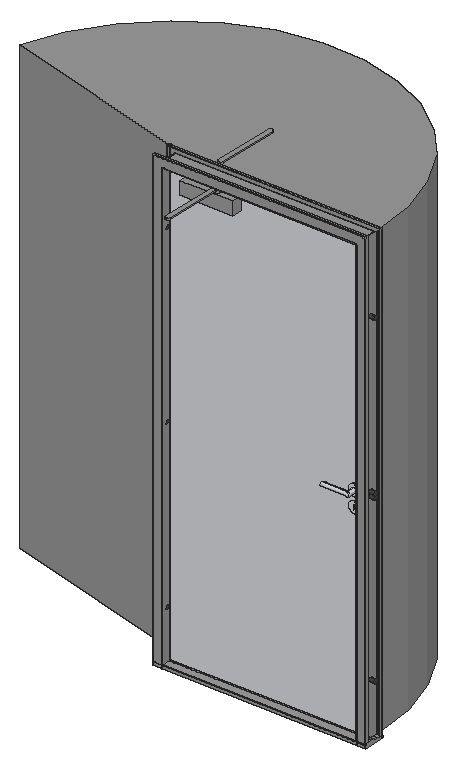
Revit family "Daloc S43 EXP", category Doors, host Wall, Revit 2021
Family settings
  Host = Wall
  OmniClass Number = 23.30.10.00
  OmniClass Title = Doors
  Always vertical = Yes
  Cut with Voids When Loaded = No
  Shared = No
  Room Calculation Point = No
Parameters (values of type "10x21,32")
  Upper hinge start [instance] = Door leaf ÖK - 310 mm  # 1797 mm
  Upper hinge end [instance] = Door leaf ÖK - 190 mm  # 1917 mm
  Left hand opening [instance] = no
  Show collision control [instance] = yes
  Threshold Composite (ATKGP) [instance] = yes
  Threshold type G Steel (ATRGP) [instance] = no
  Module height = 21.32
  Module width = 10
  Drop down MTT [instance] = no
  MTT [instance] = and(Drop down MTT)  # no
  Colour door leaf [instance] = none
  Collision control Left [instance] = and(Show collision control, Left hand opening)  # no
  Collision control Right [instance] = and(Show collision control, Right hand opening)  # yes
  KDH [instance] = Height - 75 mm  # 2057 mm
  Height Handle [instance] = Door leaf UK + 1009 mm  # 1024 mm
  Frame K42sNI [instance] = no
  Fixing Left hand opening [instance] = and(Left hand opening, or(Frame K41, Frame K42, Frame K42sNI))  # no
  Fixing Right hand opening [instance] = and(Right hand opening, or(Frame K41, Frame K42, Frame K42sNI))  # yes
  Height Door leaf [instance] = (Module height * 100 mm) - 40 mm  # 2092 mm
  Right hand opening [instance] = yes
  Function = Interior
  Frame Projection Ext. = 25 mm
  Frame Projection Int. = 25 mm
  Frame Width = 75 mm
  Height = Module height * 100 mm  # 2132 mm
  Wall Closure = By host
  Width = Module width * 100 mm  # 1000 mm
  Fp Lock U [instance] = KDH - 233 mm  # 1824 mm
  Fp Hinge U (upper hole) [instance] = Fp Hinge U + 18 mm  # 1824.5 mm
  Fp Hinge U (lower hole) [instance] = Fp Hinge U - 18 mm  # 1788.5 mm
  Fp Hinge U [instance] = KDH - 250.5 mm  # 1806.5 mm
  Door closer Left H [instance] = and(Left hand opening, [Door closer H-side])  # no
  Door closer Left R [instance] = and(Left hand opening, [Door closer R-side])  # no
  Door closer Right H [instance] = and(Right hand opening, [Door closer H-side])  # yes
  Door closer Right R [instance] = and(Right hand opening, [Door closer R-side])  # yes
  Door closer H-side [instance] = yes
  Door closer R-side [instance] = yes
  Frame K42 [instance] = yes
  Frame K41 [instance] = no
  Door leaf ÖK [instance] = Height Door leaf + Door leaf UK  # 2107 mm
  Door leaf UK [instance] = 15 mm
  Datasheet [instance] = "http://www.dorrkatalogen.daloc.se/staldorrar/Y43/"
  DST offset H-side [instance] = Door leaf ÖK - 75 mm  # 2032 mm
  DST offset R-side [instance] = Door leaf ÖK - 110 mm  # 1997 mm
  Width with seam edge [instance] = Width door leaf + 26.2 mm  # 950.2 mm
  Width door leaf [instance] = (Module width * 100 mm) - 76 mm  # 924 mm
  ATKGP [instance] = yes
Types (3, lengths in mm): name | Upper hinge start | Upper hinge end | Threshold type G Steel (ATRGP) | Module height | Drop down MTT | MTT | KDH | Fixing Right hand opening | Height Door leaf | Height | Fp Lock U | Fp Hinge U (upper hole) | Fp Hinge U (lower hole) | Fp Hinge U | Frame K42 | Door leaf ÖK | DST offset H-side | DST offset R-side
  (no name) | 1797 | 1917 | no | 21.32 | no | no | 2057 | yes | 2092 | 2132 | 1824 | 1824.5 | 1788.5 | 1806.5 | yes | 2107 | 2032 | 1997
  10x23,77 | 2042 | 2162 | yes | 23.77 | yes | yes | 2302 | no | 2337 | 2377 | 2069 | 2069.5 | 2033.5 | 2051.5 | no | 2352 | 2277 | 2242
  10x21,32 | 1797 | 1917 | no | 21.32 | no | no | 2057 | yes | 2092 | 2132 | 1824 | 1824.5 | 1788.5 | 1806.5 | yes | 2107 | 2032 | 1997
Reference planes
  plane 1: y = 0
  plane 2 "Center (Left/Right)": x = 0
  plane 3 "Left": x = -500
  plane 4 "Right": x = 500
  plane 5: z = 2132
  plane 6 "Exterior": y = 75
  plane 7 "Interior": y = -75
  plane 8 "Drevmån h": x = -495
  plane 9 "Drevmån v": x = 495
  plane 10 "Drevmån övre": z = 2125
Forms (mm)
  Sweep 1, solid, material "Daloc dörrkarm VIT S 0500-N", visible <- "Frame K41"
    path origin (0, 75, 0) x (1, 0, 0) y (0, 0, 1)
      loop
        line (495, 0) -> (495, 2125) -> (-495, 2125) -> (-495, 0)
    profile "Karm_K41 : Karm_K41" origin (495, 75, 1062.5) x (-1, 0, 0) y (0, -1, 0)
      loop
        line (0, 85) -> (1.5, 85) -> (1.5, 95)
        arc (1.5, 95) -> (1.939, 96.061) -> (3, 96.5) r 1.5
        line (3, 96.5) -> (42, 96.5)
        arc (42, 96.5) -> (43.061, 96.061) -> (43.5, 95) r 1.5
        line (43.5, 95) -> (43.5, 55)
        arc (43.5, 55) -> (43.061, 53.939) -> (42, 53.5) r 1.5
        line (42, 53.5) -> (28.5, 53.5) -> (28.5, 3)
        arc (28.5, 3) -> (28.061, 1.939) -> (27, 1.5) r 1.5
        line (27, 1.5) -> (6.5, 1.5)
        arc (6.5, 1.5) -> (4.379, 0.621) -> (3.5, -1.5) r 3
        line (3.5, -1.5) -> (3.5, -10)
        arc (3.5, -10) -> (3.061, -11.061) -> (2, -11.5) r 1.5
        line (2, -11.5) -> (-47, -11.5)
        arc (-47, -11.5) -> (-48.061, -11.061) -> (-48.5, -10) r 1.5
        line (-48.5, -10) -> (-48.5, 0) -> (-50, 0) -> (-50, -10)
        arc (-50, -10) -> (-49.121, -12.121) -> (-47, -13) r 3
        line (-47, -13) -> (2, -13)
        arc (2, -13) -> (4.121, -12.121) -> (5, -10) r 3
        line (5, -10) -> (5, -1.5)
        arc (5, -1.5) -> (5.439, -0.439) -> (6.5, 0) r 1.5
        line (6.5, 0) -> (27, 0)
        arc (27, 0) -> (29.121, 0.879) -> (30, 3) r 3
        line (30, 3) -> (30, 52) -> (42, 52)
        arc (42, 52) -> (44.121, 52.879) -> (45, 55) r 3
        line (45, 55) -> (45, 95)
        arc (45, 95) -> (44.121, 97.121) -> (42, 98) r 3
        line (42, 98) -> (3, 98)
        arc (3, 98) -> (0.879, 97.121) -> (0, 95) r 3
        line (0, 95) -> (0, 85)
  Sweep 2, solid, material "Daloc dörrkarm VIT S 0500-N", visible <- "Frame K42"
    path origin (0, 75, 0) x (1, 0, 0) y (0, 0, 1)
      loop
        line (495, 0) -> (495, 2125) -> (-495, 2125) -> (-495, 0)
    profile "Karm_K42 : Karm_K42" origin (495, 75, 1062.5) x (-1, 0, 0) y (0, -1, 0)
      loop
        line (0, 85) -> (1.5, 85) -> (1.5, 95)
        arc (1.5, 95) -> (1.939, 96.061) -> (3, 96.5) r 1.5
        line (3, 96.5) -> (42, 96.5)
        arc (42, 96.5) -> (43.061, 96.061) -> (43.5, 95) r 1.5
        line (43.5, 95) -> (43.5, 55)
        arc (43.5, 55) -> (43.061, 53.939) -> (42, 53.5) r 1.5
        line (42, 53.5) -> (28.5, 53.5) -> (28.5, 3)
        arc (28.5, 3) -> (28.061, 1.939) -> (27, 1.5) r 1.5
        line (27, 1.5) -> (3, 1.5)
        arc (3, 1.5) -> (1.939, 1.939) -> (1.5, 3) r 1.5
        line (1.5, 3) -> (1.5, 13) -> (0, 13) -> (0, 3)
        arc (0, 3) -> (0.879, 0.879) -> (3, 0) r 3
        line (3, 0) -> (27, 0)
        arc (27, 0) -> (29.121, 0.879) -> (30, 3) r 3
        line (30, 3) -> (30, 52) -> (42, 52)
        arc (42, 52) -> (44.121, 52.879) -> (45, 55) r 3
        line (45, 55) -> (45, 95)
        arc (45, 95) -> (44.121, 97.121) -> (42, 98) r 3
        line (42, 98) -> (3, 98)
        arc (3, 98) -> (0.879, 97.121) -> (0, 95) r 3
        line (0, 95) -> (0, 85)
  Extrusion 3, solid, material "Stainless Steel", visible <- "Right hand opening"
    sketch origin (0, 0, 0) x (1, 0, 0) y (0, 1, 0)
      loop
        circle (-469.581, 92.224) r 8.5
    from 190 to 310
  Extrusion 4, solid, material "Stainless Steel", visible <- "Right hand opening"
    sketch origin (0, 0, 0) x (1, 0, 0) y (0, 1, 0)
      loop
        circle (-469.581, 92.224) r 8.5
    from 1797 <- "Upper hinge start" to 1917 <- "Upper hinge end"
  Extrusion 5, solid, material "Stainless Steel", visible <- "Left hand opening"
    sketch origin (0, 0, 0) x (1, 0, 0) y (0, 1, 0)
      loop
        circle (470.581, 92.224) r 8.5
    from 190 to 310
  Extrusion 6, solid, material "Stainless Steel", visible <- "Left hand opening"
    sketch origin (0, 0, 0) x (1, 0, 0) y (0, 1, 0)
      loop
        circle (470.581, 92.224) r 8.5
    from 1797 <- "Upper hinge start" to 1917 <- "Upper hinge end"
  Extrusion 7, solid, material "Frigång", visible <- "Collision control Right"
    sketch origin (0, 0, 0) x (1, 0, 0) y (0, 1, 0)
      loop
        line (-475.081, 83.724) -> (475.119, 83.724)
        arc (475.119, 83.724) -> (-351.055, 1025.795) -> (-1392.904, 329.654) r 950.2
        line (-1392.904, 329.654) -> (-475.081, 83.724)
    from 15 <- "Door leaf UK" to 2107 <- "Door leaf ÖK"
  Extrusion 8, solid, material "Frigång", visible <- "Collision control Left"
    sketch origin (0, 0, 0) x (1, 0, 0) y (0, 1, 0)
      loop
        line (475.119, 83.724) -> (1392.941, 329.654)
        arc (1392.941, 329.654) -> (351.093, 1025.795) -> (-475.081, 83.724) r 950.2
        line (-475.081, 83.724) -> (475.119, 83.724)
    from 15 <- "Door leaf UK" to 2107 <- "Door leaf ÖK"
  Extrusion 9, solid, material "Hål", visible <- "Fixing Right hand opening"
    sketch origin (495, 0, 0) x (0, 0, 1) y (0, -1, 0)
      loop
        circle (1015, -35) r 8
    from 0 to -30.1
  Extrusion 10, solid, material "Hål", visible <- "Fixing Left hand opening"
    sketch origin (-495, 0, 0) x (0, 0, 1) y (0, -1, 0)
      loop
        circle (1015, -35) r 8
    from 0 to 30.1
  Extrusion 11, solid, material "Hål", visible <- "Fixing Right hand opening"
    sketch origin (-495, 0, 0) x (0, 0, 1) y (0, -1, 0)
      loop
        circle (1015, -35) r 8
    from 0 to 30.1
  Extrusion 12, solid, material "Hål", visible <- "Fixing Right hand opening"
    sketch origin (-495, 0, 0) x (0, 0, 1) y (0, -1, 0)
      loop
        circle (1015, -5) r 8
    from 0 to 45.2
  Extrusion 13, solid, material "Hål", visible <- "Fixing Right hand opening"
    sketch origin (-495, 0, 0) x (0, 0, 1) y (0, -1, 0)
      loop
        circle (244.5, -5) r 8
    from 0 to 45.2
  Extrusion 14, solid, material "Hål", visible <- "Fixing Right hand opening"
    sketch origin (-495, 0, 0) x (0, 0, 1) y (0, -1, 0)
      loop
        circle (226.5, -36) r 8
    from 0 to 30.1
  Extrusion 15, solid, material "Hål", visible <- "Fixing Left hand opening"
    sketch origin (495, 0, 0) x (0, 0, 1) y (0, -1, 0)
      loop
        circle (226.5, -36) r 8
    from 0 to -30.1
  Extrusion 16, solid, material "Hål", visible <- "Fixing Left hand opening"
    sketch origin (495, 0, 0) x (0, 0, 1) y (0, -1, 0)
      loop
        circle (208.5, -5) r 8
    from 0 to -45.2
  Extrusion 17, solid, material "Hål", visible <- "Fixing Left hand opening"
    sketch origin (495, 0, 0) x (0, 0, 1) y (0, -1, 0)
      loop
        circle (1015, -35) r 8
    from 0 to -30.1
  Extrusion 18, solid, material "Hål", visible <- "Fixing Left hand opening"
    sketch origin (495, 0, 0) x (0, 0, 1) y (0, -1, 0)
      loop
        circle (1015, -5) r 8
    from 0 to -45.2
  Extrusion 19, solid, material "Hål", visible <- "Fixing Left hand opening"
    sketch origin (495, 0, 0) x (0, 0, 1) y (0, -1, 0)
      loop
        circle (1806.5, -35) r 8
    from 0 to -30.1
  Extrusion 20, solid, material "Hål", visible <- "Fixing Left hand opening"
    sketch origin (495, 0, 0) x (0, 0, 1) y (0, -1, 0)
      loop
        circle (1788.5, -5) r 8
    from 0 to -45.2
  Extrusion 21, solid, material "Hål", visible <- "Fixing Right hand opening"
    sketch origin (-495, 0, 0) x (0, 0, 1) y (0, -1, 0)
      loop
        circle (1806.5, -35) r 8
    from 0 to 30.1
  Extrusion 22, solid, material "Hål", visible <- "Fixing Right hand opening"
    sketch origin (-495, 0, 0) x (0, 0, 1) y (0, -1, 0)
      loop
        circle (1824.5, -5) r 8
    from 0 to 45.2
  Extrusion 23, solid, material "Hål", visible <- "Fixing Left hand opening"
    sketch origin (-495, 0, 0) x (0, 0, 1) y (0, -1, 0)
      loop
        circle (253, -35) r 8
    from 0 to 30.1
  Extrusion 24, solid, material "Hål", visible <- "Fixing Right hand opening"
    sketch origin (495, 0, 0) x (0, 0, 1) y (0, -1, 0)
      loop
        circle (253, -35) r 8
    from 0 to -30.1
  Extrusion 25, solid, material "Hål", visible <- "Fixing Right hand opening"
    sketch origin (495, 0, 0) x (0, 0, 1) y (0, -1, 0)
      loop
        circle (1765, -35) r 8
    from 0 to -30.1
  Extrusion 26, solid, material "Hål", visible <- "Fixing Left hand opening"
    sketch origin (-495, 0, 0) x (0, 0, 1) y (0, -1, 0)
      loop
        circle (1765, -35) r 8
    from 0 to 30.1
  Sweep 27, solid, visible <- "Frame K42sNI"
    path origin (0, 75, 0) x (1, 0, 0) y (0, 0, 1)
      loop
        line (-495, 0) -> (-495, 2125) -> (495, 2125) -> (495, 0)
    profile "Karm_K42sNI : Karm_K42sNI" origin (-495, 75, 1062.5) x (-1, 0, 0) y (0, -1, 0)
      loop
        line (15, 100) -> (15, 110)
        arc (15, 110) -> (14.121, 112.121) -> (12, 113) r 3
        line (12, 113) -> (-42, 113)
        arc (-42, 113) -> (-44.121, 112.121) -> (-45, 110) r 3
        line (-45, 110) -> (-45, 55)
        arc (-45, 55) -> (-44.121, 52.879) -> (-42, 52) r 3
        line (-42, 52) -> (-30, 52) -> (-30, 3)
        arc (-30, 3) -> (-29.121, 0.879) -> (-27, 0) r 3
        line (-27, 0) -> (-3, 0)
        arc (-3, 0) -> (-0.879, 0.879) -> (0, 3) r 3
        line (0, 3) -> (0, 13) -> (-1.5, 13) -> (-1.5, 3)
        arc (-1.5, 3) -> (-1.939, 1.939) -> (-3, 1.5) r 1.5
        line (-3, 1.5) -> (-27, 1.5)
        arc (-27, 1.5) -> (-28.061, 1.939) -> (-28.5, 3) r 1.5
        line (-28.5, 3) -> (-28.5, 53.5) -> (-42, 53.5)
        arc (-42, 53.5) -> (-43.061, 53.939) -> (-43.5, 55) r 1.5
        line (-43.5, 55) -> (-43.5, 110)
        arc (-43.5, 110) -> (-43.061, 111.061) -> (-42, 111.5) r 1.5
        line (-42, 111.5) -> (12, 111.5)
        arc (12, 111.5) -> (13.061, 111.061) -> (13.5, 110) r 1.5
        line (13.5, 110) -> (13.5, 100) -> (15, 100)
  Extrusion 28, solid, material "Hål", visible <- "Fixing Left hand opening"
    sketch origin (-495, 0, 0) x (0, 0, 1) y (0, -1, 0)
      loop
        circle (1035, -35) r 7.983
    from 0 to 30.1
  Extrusion 29, solid, material "Hål", visible <- "Fixing Right hand opening"
    sketch origin (495, 0, 0) x (0, 0, 1) y (0, -1, 0)
      loop
        circle (1035, -35) r 8.027
    from 0 to -30.1
  Extrusion 30, solid, material "Daloc ståltröskel", visible <- "Threshold type G Steel (ATRGP)"
    sketch origin (0, -111.853, -57.161) x (0, 1, 0) y (0, 0, 1)
      loop
        line (176.765, 57.161) -> (182.851, 57.161)
        arc (182.851, 57.161) -> (186.856, 61.166) -> (182.851, 65.17) r 4.004
        line (182.851, 65.17) -> (136.355, 65.17)
        arc (136.355, 65.17) -> (135.295, 65.609) -> (134.855, 66.67) r 1.5
        line (134.855, 66.67) -> (134.855, 77.17)
        arc (134.855, 77.17) -> (133.977, 79.291) -> (131.855, 80.17) r 3
        line (131.855, 80.17) -> (99.46, 80.17)
        arc (99.46, 80.17) -> (98.312, 79.941) -> (97.338, 79.291) r 3
        line (97.338, 79.291) -> (91.524, 73.477)
        arc (91.524, 73.477) -> (90.874, 72.504) -> (90.645, 71.356) r 3
        line (90.645, 71.356) -> (90.645, 60.161)
        arc (90.645, 60.161) -> (91.524, 58.04) -> (93.645, 57.161) r 3
        line (93.645, 57.161) -> (100.645, 57.161) -> (100.645, 58.67) -> (93.645, 58.67)
        arc (93.645, 58.67) -> (92.585, 59.109) -> (92.145, 60.17) r 1.5
        line (92.145, 60.17) -> (92.145, 70.924)
        arc (92.145, 70.924) -> (92.26, 71.498) -> (92.585, 71.984) r 1.5
        line (92.585, 71.984) -> (98.831, 78.231)
        arc (98.831, 78.231) -> (99.318, 78.556) -> (99.892, 78.67) r 1.5
        line (99.892, 78.67) -> (131.855, 78.67)
        arc (131.855, 78.67) -> (132.916, 78.231) -> (133.355, 77.17) r 1.5
        line (133.355, 77.17) -> (133.355, 66.67)
        arc (133.355, 66.67) -> (134.234, 64.549) -> (136.355, 63.67) r 3
        line (136.355, 63.67) -> (182.855, 63.67)
        arc (182.855, 63.67) -> (185.355, 61.17) -> (182.855, 58.67) r 2.5
        line (182.855, 58.67) -> (176.765, 58.67) -> (176.765, 57.161)
    from -495 to 495
  Extrusion 31, solid, material "Daloc komposittröskel", visible <- "Threshold Composite (ATKGP)"
    sketch origin (0, 579.559, -570.578) x (0, 1, 0) y (0, 0, 1)
      loop
        line (-504.415, 578.892) -> (-529.381, 580.201) -> (-555.083, 580.201)
        arc (-555.083, 580.201) -> (-556.025, 580.591) -> (-556.415, 581.533) r 1.332
        line (-556.415, 581.533) -> (-556.415, 586.976)
        arc (-556.415, 586.976) -> (-556.855, 588.036) -> (-557.915, 588.476) r 1.5
        line (-557.915, 588.476) -> (-565.954, 588.476) -> (-601.843, 585.219)
        arc (-601.843, 585.219) -> (-602.752, 584.204) -> (-603.081, 582.881) r 2.826
        line (-603.081, 582.881) -> (-603.081, 570.578) -> (-503.294, 570.578) -> (-503.294, 576.58)
        arc (-503.294, 576.58) -> (-503.589, 577.865) -> (-504.415, 578.892) r 2.944
    from -495 to 495
  Extrusion 32, solid, material "Daloc MTT", visible <- "Drop down MTT"
    sketch origin (-495, 0, 0) x (0, 0, 1) y (0, -1, 0)
      loop
        arc (6.016, -81.724) -> (6.601, -83.138) -> (8.016, -83.724) r 2
        line (8.016, -83.724) -> (20.145, -83.724) -> (20.145, -25.724) -> (8.016, -25.724)
        arc (8.016, -25.724) -> (6.601, -26.31) -> (6.016, -27.724) r 2
        line (6.016, -27.724) -> (6.016, -39.182)
        arc (6.016, -39.182) -> (6.599, -40.592) -> (8.009, -41.175) r 1.993
        line (8.009, -41.175) -> (18.858, -41.175) -> (18.858, -61.737) -> (8.009, -61.737)
        arc (8.009, -61.737) -> (6.599, -62.321) -> (6.016, -63.731) r 1.993
        line (6.016, -63.731) -> (6.016, -81.724)
    from 37 to 953
  Extrusion 33, solid, material "Daloc MTT", visible <- "MTT"
    sketch origin (-495, 0, 0) x (0, 0, 1) y (0, -1, 0)
      loop
        line (18.858, -61.372) -> (18.858, -60.398) -> (4.483, -60.398) -> (4.483, -61.372) -> (18.858, -61.372)
      loop
        line (18.858, -41.552) -> (4.483, -41.552) -> (4.483, -42.523) -> (18.858, -42.523) -> (18.858, -41.552)
      loop
        arc (0, -51.492) -> (0.193, -54.895) -> (0.672, -58.269) r 40.42
        arc (0.672, -58.269) -> (5.189, -59.589) -> (9.867, -60.104) r 26.997
        line (9.867, -60.104) -> (18.858, -60.104) -> (18.858, -42.982) -> (9.546, -42.982)
        arc (9.546, -42.982) -> (4.934, -43.448) -> (0.474, -44.708) r 26.588
        arc (0.474, -44.708) -> (0.094, -48.09) -> (0, -51.492) r 40.42
    from 37 to 953
Lines and regions (mm)
  Opening 1
    outline origin (-3050, -75, 0) x (1, 0, 0) y (0, 0, 1)
      loop
        line (2550, 0) -> (3550, 0) -> (3550, 2132) -> (2550, 2132) -> (2550, 0)
  symbolic lines, style "Elevation Swing"
    curve 1: line (500, -75, 1066) -> (-500, -75, 2132)
    curve 2: line (500, -75, 1066) -> (-500, -75, 0)
  symbolic lines, visible <- "Right hand opening"
    curve 3: circle (-469.581, 92.224, 0) r 8.5 normal (0, 0, 1)
    curve 5: line (-475.081, 83.724, 0) -> (-1392.904, 329.654, 0)
    curve 6: arc (-1392.904, 329.654, 0) -> (-351.055, 1025.795, 0) -> (475.119, 83.724, 0) r 950.2
  symbolic lines, visible <- "Left hand opening"
    curve 4: circle (470.581, 92.224, 0) r 8.5 normal (0, 0, 1)
    curve 7: line (475.119, 83.724, 0) -> (1392.941, 329.654, 0)
    curve 8: arc (1392.941, 329.654, 0) -> (351.093, 1025.795, 0) -> (-475.081, 83.724, 0) r 950.2
Text (mm)
  text "Exterior" at (-2295.016, 1099.543, 0), in view "Ref. Level"
  text "Exterior" at (0, 1615.38, 3698.081), in view "Left"
  text "Exterior" at (0, 1036.032, 3874.932), in view "Right"
Dimensions and locks
  equal spacing: plane 3 "Left", plane 2 "Center (Left/Right)", plane 4 "Right"
  "Width": plane 3 "Left" to plane 4 "Right"
  "Height": plane 5 to host wall
  equal spacing: host wall, curve 2, plane 5
  host wall to plane 5 = 2132 mm
  locked: plane 6 "Exterior" to host wall
  locked: plane 7 "Interior" to host wall
  locked: plane 5 to plane 10 "Drevmån övre" at 7
  locked: plane 3 "Left" to plane 8 "Drevmån h" at 5
  locked: plane 9 "Drevmån v" to plane 4 "Right" at 5
  curve 3 to nested 1 = 8.5 mm
  locked: curve 4 to nested 1 at 8.5
  locked: plane 3 "Left" to nested 4 at 130
  locked: plane 3 "Left" to nested 5 at 130
  locked: nested 6 to plane 4 "Right" at 129.9
  "Width with seam edge": curve 5 to curve 5
  locked: plane 8 "Drevmån h" to curve 5 at 19.919
  "Width with seam edge": curve 7 to curve 7
  locked: curve 5 to nested 1
  locked: Extrusion 9 sketch curve to plane 6 "Exterior" at 40
  locked: Extrusion 9 sketch curve to level at 1015
  locked: Extrusion 10 sketch curve to level at 1015
  locked: plane 6 "Exterior" to Extrusion 10 sketch curve at 40
  locked: Extrusion 11 sketch curve to level at 1015
  locked: plane 6 "Exterior" to Extrusion 11 sketch curve at 40
  locked: Extrusion 12 sketch curve to level at 1015
  locked: plane 6 "Exterior" to Extrusion 12 sketch curve at 70
  locked: Extrusion 13 sketch curve to level at 244.5
  locked: plane 6 "Exterior" to Extrusion 13 sketch curve at 70
  locked: Extrusion 14 sketch curve to level at 226.5
  locked: plane 6 "Exterior" to Extrusion 14 sketch curve at 39
  locked: Extrusion 15 sketch curve to level at 226.5
  locked: Extrusion 15 sketch curve to plane 6 "Exterior" at 39
  locked: Extrusion 16 sketch curve to level at 208.5
  locked: Extrusion 16 sketch curve to plane 6 "Exterior" at 70
  locked: Extrusion 17 sketch curve to level at 1015
  locked: Extrusion 17 sketch curve to plane 6 "Exterior" at 40
  locked: Extrusion 18 sketch curve to level at 1015
  locked: Extrusion 18 sketch curve to plane 6 "Exterior" at 70
  "Fp Hinge U": Extrusion 19 sketch curve to level
  locked: Extrusion 19 sketch curve to plane 6 "Exterior" at 40
  "Fp Hinge U (lower hole)": Extrusion 20 sketch curve to level
  locked: Extrusion 20 sketch curve to plane 6 "Exterior" at 70
  "Fp Hinge U": Extrusion 21 sketch curve to level
  locked: plane 6 "Exterior" to Extrusion 21 sketch curve at 40
  "Fp Hinge U (upper hole)": Extrusion 22 sketch curve to level
  locked: plane 6 "Exterior" to Extrusion 22 sketch curve at 70
  locked: plane 6 "Exterior" to nested 4 at 8.7
  locked: nested 7 to plane 4 "Right" at 130
  locked: plane 6 "Exterior" to nested 7 at 8.7
  locked: Extrusion 23 sketch curve to level at 253
  locked: plane 6 "Exterior" to Extrusion 23 sketch curve at 40
  locked: Extrusion 24 sketch curve to level at 253
  locked: Extrusion 24 sketch curve to plane 6 "Exterior" at 40
  locked: Extrusion 25 sketch curve to level at 1765
  locked: Extrusion 25 sketch curve to plane 6 "Exterior" at 40
  locked: Extrusion 26 sketch curve to level at 1765
  locked: plane 6 "Exterior" to Extrusion 26 sketch curve at 40
  locked: plane 6 "Exterior" to nested 1  (x2)
  locked: nested 1 to nested 2 at 51
  locked: nested 1 to nested 2
  locked: nested 1 to nested 3
  locked: nested 3 to nested 1 at 51.081
  locked: plane 6 "Exterior" to Extrusion 28 sketch curve at 40
  locked: Sweep 1 to Extrusion 28 sketch curve at 1035
  locked: Extrusion 29 sketch curve to plane 6 "Exterior" at 40
  locked: Extrusion 29 sketch curve to Sweep 1 at 1035
  locked: Extrusion 30 to plane 6 "Exterior" at 96.207
  locked: Extrusion 30 to plane 6 "Exterior" at 51.997
  locked: Extrusion 30 to Extrusion 30 at 44.21
  locked: Extrusion 30 to Sweep 1 at 23.009
  locked: Extrusion 31 sketch curve to Extrusion 31 sketch curve at 99.787
  locked: Extrusion 31 sketch curve to Extrusion 31 sketch curve at 37.127
  locked: plane 6 "Exterior" to Extrusion 31 at 1.265
  locked: Extrusion 31 to Extrusion 31 at 99.787
  locked: Extrusion 31 to Sweep 1 at 17.898
  locked: Extrusion 31 to Extrusion 31 at 46.666
  locked: Sweep 1 to Extrusion 32 at 6.016
  locked: plane 6 "Exterior" to Extrusion 32 at 8.724
  host wall to Extrusion 30 = 23.003 mm
  locked: Extrusion 30 sketch curve to plane 6 "Exterior" at 51.997
  locked: nested 1 to curve 5 (angle 165.00°)
  locked: curve 7 to nested 1 (angle 165.00°)
  aligned and locked: plane 3 "Left" to Opening 1 sketch curve
  aligned and locked: plane 5 to Opening 1 sketch curve  (x2)
  aligned and locked: Opening 1 sketch curve to plane 4 "Right"
  aligned and locked: Opening 1 sketch curve to level
  aligned and locked: plane 5 to curve 1
  aligned and locked: plane 3 "Left" to curve 2
  aligned and locked: plane 1 to host wall
  aligned and locked: plane 3 "Left" to curve 1
  aligned and locked: plane 9 "Drevmån v" to Sweep 1 sketch curve
  aligned and locked: plane 10 "Drevmån övre" to Sweep 1 sketch curve
  aligned and locked: Sweep 1 sketch curve to plane 8 "Drevmån h"
  aligned and locked: nested 1 to plane 2 "Center (Left/Right)"
  aligned and locked: Sweep 2 sketch curve to Sweep 1
  aligned and locked: plane 10 "Drevmån övre" to Sweep 2 sketch curve
  aligned and locked: Sweep 2 sketch curve to plane 8 "Drevmån h"
  aligned and locked: nested 2 to nested 1
  aligned and locked: Extrusion 3 sketch curve to curve 3
  aligned and locked: Extrusion 4 sketch curve to curve 3
  aligned and locked: Extrusion 5 sketch curve to curve 4
  aligned and locked: Extrusion 6 sketch curve to curve 4
  aligned and locked: nested 5 to nested 1
  aligned and locked: nested 6 to nested 1
  aligned and locked: Extrusion 7 sketch curve to curve 5
  aligned and locked: Extrusion 7 sketch curve to curve 6
  aligned and locked: Extrusion 7 sketch curve to nested 1
  aligned and locked: Extrusion 8 sketch curve to curve 7
  aligned and locked: Extrusion 8 sketch curve to curve 8
  aligned and locked: Extrusion 8 sketch curve to nested 1
Automatic sketch dimensions
  curve 2 to level = 0 mm
  plane 4 "Right" to curve 2 = 0 mm
  Sweep 1 sketch curve to level = 0 mm  (x2)
  Sweep 2 sketch curve to level = 0 mm  (x2)
  curve 6 to curve 5 = 0 mm
  curve 8 to curve 7 = 0 mm
  curve 8 to curve 3 = 5.5 mm
  curve 4 to curve 8 = 4.537 mm
  Sweep 27 sketch curve to plane 8 "Drevmån h" = 0 mm
  Sweep 27 sketch curve to plane 9 "Drevmån v" = 0 mm
  Sweep 27 sketch curve to level = 0 mm  (x2)
  Sweep 27 sketch curve to plane 10 "Drevmån övre" = 0 mm
  Extrusion 30 sketch curve to Extrusion 30 sketch curve = 0 mm  (x6)
  host wall to Extrusion 30 sketch curve = 21.207 mm
  Extrusion 30 sketch curve to Extrusion 30 sketch curve = 0.879 mm
  Extrusion 30 sketch curve to Extrusion 30 sketch curve = 1.5 mm  (x6)
  Extrusion 30 sketch curve to Extrusion 30 sketch curve = 0.439 mm
  Extrusion 30 sketch curve to Extrusion 30 sketch curve = 1.061 mm  (x2)
  Extrusion 30 sketch curve to Extrusion 30 sketch curve = 5.814 mm
  Extrusion 30 sketch curve to Extrusion 30 sketch curve = 1.493 mm
  Extrusion 30 sketch curve to Extrusion 30 sketch curve = 0.629 mm
  Extrusion 30 sketch curve to Extrusion 30 sketch curve = 7 mm
  level to Extrusion 30 sketch curve = 1.509 mm
  Extrusion 30 sketch curve to host wall = 10.087 mm
  Extrusion 30 sketch curve to host wall = 4.001 mm
  Extrusion 30 sketch curve to Extrusion 30 sketch curve = 0.004 mm  (x2)
  Extrusion 30 sketch curve to Extrusion 30 sketch curve = 1.509 mm  (x2)
  level to Extrusion 30 sketch curve = 0 mm
  Extrusion 30 sketch curve to Extrusion 30 sketch curve = 2.496 mm
  Extrusion 30 sketch curve to Extrusion 30 sketch curve = 10.754 mm
  Extrusion 30 sketch curve to Extrusion 30 sketch curve = 0.432 mm
  Extrusion 30 sketch curve to Extrusion 30 sketch curve = 10.5 mm
  Extrusion 31 sketch curve to level = 0 mm
  host wall to Extrusion 31 sketch curve = 23.522 mm
  Extrusion 31 sketch curve to Extrusion 31 sketch curve = 1.238 mm
  Extrusion 31 sketch curve to Extrusion 31 sketch curve = 2.826 mm
  Extrusion 31 sketch curve to Extrusion 31 sketch curve = 8.039 mm
  Extrusion 31 sketch curve to Extrusion 31 sketch curve = 1.5 mm
  Extrusion 31 sketch curve to Extrusion 31 sketch curve = 1.332 mm
  level to Extrusion 31 sketch curve = 9.623 mm
  Extrusion 31 sketch curve to Extrusion 31 sketch curve = 25.702 mm
  Extrusion 31 sketch curve to Extrusion 31 sketch curve = 2.944 mm
  Extrusion 31 sketch curve to Extrusion 31 sketch curve = 1.121 mm
  level to Extrusion 31 sketch curve = 6.002 mm
  level to Extrusion 31 sketch curve = 12.303 mm
  Extrusion 31 sketch curve to Extrusion 31 sketch curve = 5.443 mm
  level to Extrusion 32 sketch curve = 6.016 mm  (x2)
  Extrusion 32 sketch curve to Extrusion 32 sketch curve = 1.993 mm  (x2)
  Extrusion 32 sketch curve to Extrusion 32 sketch curve = 2 mm  (x2)
  Extrusion 32 sketch curve to Extrusion 32 sketch curve = 10.849 mm
  Extrusion 32 sketch curve to Extrusion 32 sketch curve = 12.129 mm
  host wall to Extrusion 32 sketch curve = 8.724 mm
  Extrusion 32 sketch curve to host wall = 11.269 mm
  Extrusion 32 sketch curve to Extrusion 32 sketch curve = 20.562 mm
  Extrusion 32 sketch curve to Extrusion 32 sketch curve = 11.458 mm
  Extrusion 33 sketch curve to Extrusion 33 sketch curve = 0 mm  (x3)
  Extrusion 33 sketch curve to level = 0 mm
  level to Extrusion 33 sketch curve = 4.483 mm  (x2)
  Extrusion 33 sketch curve to Extrusion 33 sketch curve = 5.063 mm
  Extrusion 33 sketch curve to Extrusion 33 sketch curve = 5.384 mm
  Extrusion 33 sketch curve to host wall = 5.433 mm
  Extrusion 33 sketch curve to Extrusion 33 sketch curve = 0.038 mm
  Extrusion 33 sketch curve to Extrusion 33 sketch curve = 0.925 mm
  Extrusion 33 sketch curve to Extrusion 33 sketch curve = 8.992 mm
  Extrusion 33 sketch curve to Extrusion 33 sketch curve = 9.313 mm
  Extrusion 33 sketch curve to Extrusion 33 sketch curve = 21.558 mm
  Extrusion 33 sketch curve to Extrusion 33 sketch curve = 8.196 mm
  Extrusion 33 sketch curve to Extrusion 33 sketch curve = 0.974 mm
  Extrusion 33 sketch curve to Extrusion 33 sketch curve = 0.294 mm
  Extrusion 33 sketch curve to Extrusion 33 sketch curve = 9.194 mm
  Extrusion 33 sketch curve to Extrusion 33 sketch curve = 17.122 mm
  Extrusion 33 sketch curve to Extrusion 33 sketch curve = 0.459 mm
  Extrusion 33 sketch curve to Extrusion 33 sketch curve = 0.971 mm
  Extrusion 33 sketch curve to Extrusion 33 sketch curve = 9.869 mm
  Extrusion 33 sketch curve to Extrusion 33 sketch curve = 4.008 mm
  radius of curve 3 = 8.5 mm
  radius of curve 4 = 8.5 mm
  radius of Extrusion 9 sketch curve = 8 mm
  radius of Extrusion 10 sketch curve = 8 mm
  radius of Extrusion 11 sketch curve = 8 mm
  radius of Extrusion 12 sketch curve = 8 mm
  radius of Extrusion 13 sketch curve = 8 mm
  radius of Extrusion 14 sketch curve = 8 mm
  radius of Extrusion 15 sketch curve = 8 mm
  radius of Extrusion 16 sketch curve = 8 mm
  radius of Extrusion 17 sketch curve = 8 mm
  radius of Extrusion 18 sketch curve = 8 mm
  radius of Extrusion 19 sketch curve = 8 mm
  radius of Extrusion 20 sketch curve = 8 mm
  radius of Extrusion 23 sketch curve = 8 mm
  radius of Extrusion 24 sketch curve = 8 mm
  radius of Extrusion 22 sketch curve = 8 mm
  radius of Extrusion 21 sketch curve = 8 mm
  radius of Extrusion 25 sketch curve = 8 mm
  radius of Extrusion 26 sketch curve = 8 mm
  radius of Extrusion 28 sketch curve = 7.983 mm
  radius of Extrusion 29 sketch curve = 8.027 mm
Nested families
  nested 1: "Dörrblad_S43" at (0, 83.724, 15) x (-1, 0, 0) z (0, 0, 1), Bredd dörrblad <- "Width door leaf", Höjd dörrblad <- "Height Door leaf", built-in parameter 1001364 <- "Door leaf UK", Kulör dörrblad <- "Colour door leaf", type "Dörrblad_S43"
    with Kulör dörrblad none, Höjd dörrblad 2092 mm, Bredd dörrblad 924 mm
  nested 2: "Handtag_J" at (-407.081, 83.724, 1024) x (-1, 0, 0) z (0, 1, 0), visible <- "Left hand opening", built-in parameter 1001360 <- "Height Handle", type "Handtag_J"
    with Handtag Ytterdörr none
  nested 3: "Handtag_J" at (407, 83.724, 1024) x (1, 0, 0) z (0, 1, 0), visible <- "Right hand opening", built-in parameter 1001360 <- "Height Handle", type "Handtag_J"
    with Handtag Ytterdörr none
  nested 4: "Dörrstängare" at (-125, 129.7, 2032) x (-1, 0, 0) z (0, 0, 1), built-in parameter 1001364 <- "DST offset H-side", visible <- "Door closer Right H", type "Dörrstängare"
  nested 5: "Dörrstängare" at (-370, -20.276, 1997), built-in parameter 1001364 <- "DST offset R-side", visible <- "Door closer Right R", type "Dörrstängare"
  nested 6: "Dörrstängare" at (125.1, -20.276, 1997), built-in parameter 1001364 <- "DST offset R-side", visible <- "Door closer Left R", type "Dörrstängare"
  nested 7: "Dörrstängare" at (370, 129.7, 2032) x (-1, 0, 0) z (0, 0, 1), built-in parameter 1001364 <- "DST offset H-side", visible <- "Door closer Left H", type "Dörrstängare"
  nested 8: "Handtag_J" at (407, 25.724, 1024) x (1, 0, 0) z (0, -1, 0), visible <- "Right hand opening", built-in parameter 1001360 <- "Height Handle", type "Handtag_J"
    with Handtag Ytterdörr none
  nested 9: "Handtag_J" at (-407.1, 25.724, 1024) x (-1, 0, 0) z (0, -1, 0), visible <- "Left hand opening", built-in parameter 1001360 <- "Height Handle", type "Handtag_J"
    with Handtag Ytterdörr none
Definition of nested family "Dörrblad_S43"
  Parameters (values of type "Dörrblad_S43")
    Kulör dörrblad [instance] = none
    Höjd dörrblad [instance] = 2060 mm
    Default Elevation = 0 mm
    Bredd dörrblad [instance] = 924 mm
  Reference planes
    plane 1 "Center (Front/Back)": y = 0
    plane 2: z = 0
    plane 3 "Center (Left/Right)": x = 0
  Forms (mm)
    Extrusion 1, solid, material <- "Kulör dörrblad"
      sketch origin (0, 0, 0) x (1, 0, 0) y (0, 1, 0)
        loop
          line (-462, 46.424) -> (-461.375, 44.899)
          arc (-461.375, 44.899) -> (-460.77, 44.546) -> (-460.081, 44.424) r 2
          line (-460.081, 44.424) -> (-459.081, 44.424)
          arc (-459.081, 44.424) -> (-458.374, 44.131) -> (-458.081, 43.424) r 1
          line (-458.081, 43.424) -> (-458.081, 23.291)
          arc (-458.081, 23.291) -> (-458.379, 22.572) -> (-459.099, 22.274) r 1.017
          line (-459.099, 22.274) -> (-461.585, 21.586)
          arc (-461.585, 21.586) -> (-462.643, 21.147) -> (-463.081, 20.089) r 1.497
          line (-463.081, 20.089) -> (-463.081, 9.724)
          arc (-463.081, 9.724) -> (-463.374, 9.017) -> (-464.081, 8.724) r 1
          line (-464.081, 8.724) -> (-473.081, 8.724)
          arc (-473.081, 8.724) -> (-474.496, 8.138) -> (-475.081, 6.724) r 2
          arc (-475.081, 6.724) -> (-474.929, 5.959) -> (-474.496, 5.31) r 2
          line (-474.496, 5.31) -> (-469.772, 0.586)
          arc (-469.772, 0.586) -> (-469.123, 0.152) -> (-468.357, 0) r 2
          line (-468.357, 0) -> (468.357, 0)
          arc (468.357, 0) -> (469.123, 0.152) -> (469.772, 0.586) r 2
          line (469.772, 0.586) -> (471.41, 2.224) -> (474.496, 5.31)
          arc (474.496, 5.31) -> (474.929, 5.959) -> (475.081, 6.724) r 2
          arc (475.081, 6.724) -> (474.496, 8.138) -> (473.081, 8.724) r 2
          line (473.081, 8.724) -> (459.081, 8.724)
          arc (459.081, 8.724) -> (458.374, 9.017) -> (458.081, 9.724) r 1
          line (458.081, 9.724) -> (458.081, 43.456)
          arc (458.081, 43.456) -> (458.365, 44.141) -> (459.049, 44.424) r 0.968
          line (459.049, 44.424) -> (460.081, 44.424)
          arc (460.081, 44.424) -> (460.77, 44.546) -> (461.375, 44.899) r 2
          line (461.375, 44.899) -> (462, 46.424) -> (462, 56.122)
          arc (462, 56.122) -> (461.45, 57.45) -> (460.122, 58) r 1.878
          line (460.122, 58) -> (-460.122, 58)
          arc (-460.122, 58) -> (-461.45, 57.45) -> (-462, 56.122) r 1.878
          line (-462, 56.122) -> (-462, 46.424)
      from 0 to 2060 <- "Höjd dörrblad"
    Extrusion 2, void
      sketch origin (0, 0, 0) x (0, 1, 0) y (0, 0, 1)
        loop
          line (8.514, 2047.858) -> (60, 2047.858) -> (60, 2062) -> (8.514, 2062) -> (8.514, 2047.858)
      from -751.315 to 861.327
    Extrusion 3, void
      sketch origin (0, 0, 0) x (0, 1, 0) y (0, 0, 1)
        loop
          line (1.965, 2060) -> (1.965, 2061.038) -> (-1.108, 2061.038) -> (-1.108, 2058.035) -> (0, 2058.035)
          arc (0, 2058.035) -> (0.576, 2059.424) -> (1.965, 2060) r 1.965
      from -719.556 to 861.327
  Cuts and joins
    Extrusion 2, Extrusion 3 cuts Extrusion 1
  Lines and regions (mm)
    model lines
      curve 1: arc (-460.122, 58, 0) -> (-461.45, 57.45, 0) -> (-462, 56.122, 0) r 1.878
      curve 2: arc (462, 56.122, 0) -> (461.45, 57.45, 0) -> (460.122, 58, 0) r 1.878
      curve 3: arc (458.081, 9.724, 0) -> (458.374, 9.017, 0) -> (459.081, 8.724, 0) r 1
      curve 4: arc (-464.081, 8.724, 0) -> (-463.374, 9.017, 0) -> (-463.081, 9.724, 0) r 1
      curve 5: arc (475.081, 6.724, 0) -> (474.496, 8.138, 0) -> (473.081, 8.724, 0) r 2
      curve 6: arc (-473.081, 8.724, 0) -> (-474.496, 8.138, 0) -> (-475.081, 6.724, 0) r 2
      curve 7: arc (-469.772, 0.586, 0) -> (-469.123, 0.152, 0) -> (-468.357, 0, 0) r 2
      curve 8: arc (468.357, 0, 0) -> (469.123, 0.152, 0) -> (469.772, 0.586, 0) r 2
      curve 9: line (-461.375, 44.899, 0) -> (-462, 46.424, 0)
      curve 10: line (462, 46.424, 0) -> (461.375, 44.899, 0)
      curve 11: arc (-461.375, 44.899, 0) -> (-460.77, 44.546, 0) -> (-460.081, 44.424, 0) r 2
      curve 12: arc (460.081, 44.424, 0) -> (460.77, 44.546, 0) -> (461.375, 44.899, 0) r 2
      curve 13: arc (474.496, 5.31, 0) -> (474.929, 5.959, 0) -> (475.081, 6.724, 0) r 2
      curve 14: arc (-475.081, 6.724, 0) -> (-474.929, 5.959, 0) -> (-474.496, 5.31, 0) r 2
      curve 15: line (460.122, 58, 0) -> (-460.122, 58, 0)
      curve 16: line (469.772, 0.586, 0) -> (471.41, 2.224, 0)
      curve 17: line (471.41, 2.224, 0) -> (474.496, 5.31, 0)
      curve 18: line (468.357, 0, 0) -> (-468.357, 0, 0)
      curve 19: line (-462, 46.424, 0) -> (-462, 46.831, 0)
      curve 20: line (-462, 46.831, 0) -> (-462, 56.122, 0)
      curve 21: line (462, 56.122, 0) -> (462, 46.831, 0)
      curve 22: line (462, 46.831, 0) -> (462, 46.424, 0)
      curve 23: line (-459.081, 44.424, 0) -> (-460.081, 44.424, 0)
      curve 24: line (460.081, 44.424, 0) -> (459.049, 44.424, 0)
      curve 25: line (459.081, 8.724, 0) -> (473.081, 8.724, 0)
      curve 26: line (-473.081, 8.724, 0) -> (-464.081, 8.724, 0)
      curve 27: arc (0, 17.914, 0) -> (0, 19.131, 0.413) -> (0, 19.845, 1.482) r 2
      curve 28: arc (0, 56, 0) -> (0, 57.414, 0.586) -> (0, 58, 2) r 2
      curve 29: arc (0, 0.586, 0.586) -> (0, 1.235, 0.152) -> (0, 2, 0) r 2
      curve 30: arc (0, 0, 2) -> (0, 0.152, 1.235) -> (0, 0.586, 0.586) r 2
      curve 31: arc (0, 21.249, 3.858) -> (0, 20.641, 3.652) -> (0, 20.283, 3.117) r 1
      curve 32: line (0, 43.32, 3.858) -> (0, 44.199, 3.184)
      curve 33: arc (0, 46.095, 0.067) -> (0, 46.348, 0.017) -> (0, 46.606, 0) r 2
      curve 34: line (0, 44.675, 1.408) -> (0, 46.095, 0.067)
      curve 35: line (0, 19.845, 1.482) -> (0, 20.283, 3.117)
      curve 36: line (0, 21.249, 3.858) -> (0, 43.32, 3.858)
      curve 37: line (0, 44.675, 1.408) -> (0, 44.199, 3.184)
      curve 38: line (0, 56, 0) -> (0, 46.606, 0)
      curve 39: line (0, 17.914, 0) -> (0, 9.5, 0)
      curve 40: line (0, 9.5, 0) -> (0, 8.5, 0)
      curve 41: line (0, 8.5, 0) -> (0, 5.086, 0)
      curve 42: line (0, 5.086, 0) -> (0, 2, 0)
      curve 43: arc (0, 17.914, 0) -> (0, 19.142, 0.408) -> (0, 19.863, 1.482) r 2
      curve 44: arc (0, 21.249, 3.858) -> (0, 20.651, 3.646) -> (0, 20.301, 3.117) r 1
      curve 45: line (0, 43.233, 3.858) -> (0, 44.199, 3.117)
      curve 46: arc (0, 45.992, 0.097) -> (0, 46.295, 0.024) -> (0, 46.606, 0) r 2
      curve 47: line (0, 44.675, 1.341) -> (0, 45.992, 0.097)
      curve 48: line (0, 19.863, 1.482) -> (0, 20.301, 3.117)
      curve 49: line (0, 21.249, 3.858) -> (0, 43.233, 3.858)
      curve 50: line (0, 44.675, 1.341) -> (0, 44.199, 3.117)
      curve 51: line (0, 56, 0) -> (0, 46.606, 0)
      curve 52: line (0, 17.914, 0) -> (0, 9.5, 0)
      curve 53: line (0, 9.5, 0) -> (0, 8.5, 0)
      curve 54: line (0, 8.5, 0) -> (0, 5.086, 0)
      curve 55: line (0, 5.086, 0) -> (0, 2, 0)
    symbolic lines
      curve 56: arc (0, 0, 2) -> (0, 0.152, 1.235) -> (0, 0.586, 0.586) r 2
      curve 57: arc (0, 0.586, 0.586) -> (0, 1.235, 0.152) -> (0, 2, 0) r 2
      curve 58: line (0, 2.224, 0) -> (0, 0.586, 0)
      curve 59: line (0, 5.31, 0) -> (0, 2.224, 0)
      curve 60: arc (0, 56, 0) -> (0, 57.414, 0.586) -> (0, 58, 2) r 2
      curve 61: line (-458.081, 43.424, 0) -> (-458.081, 23.291, 0)
      curve 62: line (-473.081, 8.724, 0) -> (-464.081, 8.724, 0)
      curve 63: arc (-464.081, 8.724, 0) -> (-463.374, 9.017, 0) -> (-463.081, 9.724, 0) r 1
      curve 64: line (458.081, 43.456, 0) -> (458.081, 9.724, 0)
      curve 65: line (-474.496, 5.31, 0) -> (-469.772, 0.586, 0)
      curve 66: line (-463.081, 9.724, 0) -> (-463.081, 20.089, 0)
      curve 67: arc (-458.081, 23.291, 0) -> (-458.379, 22.572, 0) -> (-459.099, 22.274, 0) r 1.017
      curve 68: line (-459.099, 22.274, 0) -> (-461.585, 21.586, 0)
      curve 69: arc (-463.081, 20.089, 0) -> (-462.643, 21.147, 0) -> (-461.585, 21.586, 0) r 1.497
      curve 70: arc (-459.081, 44.424, 0) -> (-458.374, 44.131, 0) -> (-458.081, 43.424, 0) r 1
      curve 71: arc (458.081, 43.456, 0) -> (458.365, 44.141, 0) -> (459.049, 44.424, 0) r 0.968
  Dimensions and locks
    "Bredd dörrblad": curve 20 to curve 21
    locked: curve 15 to curve 18 at 58
    equal spacing: curve 20, plane 3 "Center (Left/Right)", curve 21
    locked: Extrusion 2 sketch curve to Extrusion 1 at 2
    locked: cut or joined group of Extrusion 1, Extrusion 2, Extrusion 3 to Extrusion 3 sketch curve
    locked: plane 1 "Center (Front/Back)" to Extrusion 3 sketch curve
    aligned and locked: level to plane 2
    aligned and locked: curve 18 to plane 1 "Center (Front/Back)"
    aligned and locked: level to curve 42
    aligned and locked: level to curve 38
    aligned and locked: Extrusion 1 sketch curve to curve 20
    aligned and locked: Extrusion 1 sketch curve to curve 1
    aligned and locked: Extrusion 1 sketch curve to curve 2
    aligned and locked: Extrusion 1 sketch curve to curve 10
    aligned and locked: Extrusion 1 sketch curve to curve 12
    aligned and locked: Extrusion 1 sketch curve to curve 71
    aligned and locked: Extrusion 1 sketch curve to curve 3
    aligned and locked: Extrusion 1 sketch curve to curve 5
    aligned and locked: Extrusion 1 sketch curve to curve 13
    aligned and locked: Extrusion 1 sketch curve to curve 17
    aligned and locked: Extrusion 1 sketch curve to curve 8
    aligned and locked: Extrusion 1 sketch curve to curve 7
    aligned and locked: Extrusion 1 sketch curve to curve 14
    aligned and locked: Extrusion 1 sketch curve to curve 6
    aligned and locked: Extrusion 1 sketch curve to curve 63
    aligned and locked: Extrusion 1 sketch curve to curve 69
    aligned and locked: Extrusion 1 sketch curve to curve 68
    aligned and locked: Extrusion 1 sketch curve to curve 67
    aligned and locked: Extrusion 1 sketch curve to curve 70
    aligned and locked: Extrusion 1 sketch curve to curve 11
    aligned and locked: Extrusion 1 sketch curve to curve 9
  Automatic sketch dimensions
    curve 30 to curve 29 = 0 mm
    curve 57 to curve 56 = 0 mm
    curve 56 to plane 1 "Center (Front/Back)" = 0 mm
    curve 30 to curve 29 = 2 mm
    curve 29 to curve 41 = 3.086 mm
    curve 41 to curve 40 = 3.414 mm
    curve 53 to curve 53 = 1 mm
    level to curve 43 = 2 mm
    curve 39 to curve 43 = 8.431 mm
    level to curve 48 = 1.482 mm
    level to curve 35 = 1.482 mm
    curve 35 to curve 43 = 0.018 mm
    level to curve 48 = 3.117 mm
    curve 27 to curve 48 = 0.456 mm
    level to curve 35 = 3.117 mm
    curve 35 to curve 44 = 0.018 mm
    curve 35 to curve 49 = 0.966 mm
    level to curve 49 = 3.858 mm
    curve 49 to curve 60 = 14.767 mm
    curve 45 to curve 36 = 0.087 mm
    level to curve 32 = 3.184 mm
    curve 45 to curve 32 = 0.966 mm
    level to curve 45 = 3.117 mm
    curve 45 to curve 32 = 0 mm
    level to curve 47 = 1.341 mm
    curve 45 to curve 47 = 0.476 mm
    level to curve 37 = 1.408 mm
    curve 37 to curve 47 = 0 mm
    level to curve 34 = 0.067 mm
    curve 47 to curve 34 = 1.42 mm
    level to curve 47 = 0.097 mm
    curve 47 to curve 33 = 0.103 mm
    level to curve 33 = 2 mm
    curve 51 to curve 33 = 0 mm
    curve 28 to curve 60 = 2 mm
    curve 31 to curve 44 = 0 mm
    level to curve 57 = 0.586 mm
    curve 52 to curve 43 = 0.018 mm
    curve 58 to level = 0 mm
    curve 58 to plane 1 "Center (Front/Back)" = 0.586 mm
    curve 29 to curve 58 = 0.224 mm
    curve 41 to curve 59 = 0.224 mm
    Extrusion 1 sketch curve to plane 1 "Center (Front/Back)" = 5.31 mm  (x2)
    Extrusion 1 sketch curve to plane 1 "Center (Front/Back)" = 0.586 mm  (x2)
    Extrusion 1 sketch curve to plane 1 "Center (Front/Back)" = 2.224 mm
    Extrusion 2 sketch curve to Extrusion 2 sketch curve = 14.142 mm
    Extrusion 2 sketch curve to plane 1 "Center (Front/Back)" = 8.514 mm
    plane 1 "Center (Front/Back)" to Extrusion 3 sketch curve = 1.108 mm
    Extrusion 3 sketch curve to plane 1 "Center (Front/Back)" = 1.965 mm
    Extrusion 3 sketch curve to Extrusion 3 sketch curve = 3.004 mm
    curve 31 to curve 49 = 21.983 mm
    Extrusion 2 sketch curve to Extrusion 2 sketch curve = 51.486 mm
    curve 4 to curve 63 = 0 mm  (x2)
    curve 5 to curve 13 = 0 mm  (x2)
    curve 6 to curve 14 = 0 mm  (x2)
    curve 66 to curve 9 = 1.081 mm
    curve 62 to curve 4 = 1 mm
    curve 7 to plane 1 "Center (Front/Back)" = 2 mm
    curve 7 to curve 26 = 4.276 mm
    curve 65 to plane 1 "Center (Front/Back)" = 0.586 mm
    curve 26 to curve 7 = 4.724 mm
    curve 65 to plane 1 "Center (Front/Back)" = 5.31 mm
    curve 68 to plane 1 "Center (Front/Back)" = 21.586 mm
    curve 69 to curve 68 = 1.497 mm
    curve 9 to plane 1 "Center (Front/Back)" = 44.899 mm
    curve 9 to curve 9 = 0.625 mm
    curve 1 to curve 1 = 1.878 mm
    curve 9 to curve 11 = 1.919 mm
    curve 69 to curve 67 = 2.486 mm
    curve 11 to curve 23 = 1 mm
    curve 67 to curve 61 = 1.017 mm
    curve 64 to curve 10 = 3.919 mm
    curve 64 to curve 71 = 0.968 mm
    curve 3 to curve 25 = 1 mm
    curve 24 to curve 24 = 1.032 mm
    curve 2 to curve 2 = 1.878 mm
    curve 10 to plane 1 "Center (Front/Back)" = 44.899 mm
    curve 12 to curve 10 = 1.294 mm
    curve 3 to curve 18 = 9.276 mm
    curve 16 to plane 1 "Center (Front/Back)" = 0.586 mm
    curve 8 to curve 16 = 1.414 mm
    curve 17 to plane 1 "Center (Front/Back)" = 2.224 mm
    curve 16 to curve 17 = 1.638 mm
    curve 16 to curve 5 = 1.672 mm
    curve 17 to plane 1 "Center (Front/Back)" = 5.31 mm
    curve 13 to curve 17 = 1.414 mm
    curve 13 to curve 5 = 1.414 mm
    curve 69 to curve 68 = 0.689 mm
    curve 61 to curve 9 = 1.475 mm
    curve 71 to curve 10 = 1.442 mm
    curve 9 to curve 9 = 1.525 mm
    curve 12 to curve 22 = 1.525 mm
    curve 10 to curve 21 = 0.406 mm
    curve 9 to curve 19 = 0.406 mm
Definition of nested family "Handtag_J"
  Parameters (values of type "Handtag_J")
    Handtag Ytterdörr [instance] = none
    Default Elevation = 1219.2 mm
  Reference planes
    plane 1 "Center (Front/Back)": y = 0
    plane 2: z = 0
    plane 3 "Center (Left/Right)": x = 0
  Forms (mm)
    Extrusion 1, solid
      sketch origin (0, 0, 0) x (1, 0, 0) y (0, 1, 0)
        loop
          line (-1219.2, 1219.2) -> (-1219.2, -1219.2) -> (1219.2, -1219.2) -> (1219.2, 1219.2) -> (-1219.2, 1219.2)
      from 0 to -304.8
    Extrusion 2, solid, material <- "Handtag Ytterdörr"
      sketch origin (0, 35.531, 0) x (-1, 0, 0) y (0, -1, 0)
        loop
          circle (0, 107.075) r 25
        loop
          line (-1.871, 118.619) -> (-1.871, 95.531) -> (1.871, 95.531) -> (1.871, 118.619) -> (-1.871, 118.619)
      from 0 to 5
    Extrusion 3, solid, material <- "Handtag Ytterdörr"
      sketch origin (0, 110, 0) x (-1, 0, 0) y (0, -1, 0)
        loop
          circle (0, 110) r 25
      from 0 to 5
    Sweep 4, solid, material <- "Handtag Ytterdörr"
      path origin (0, 0, 0) x (-1, 0, 0) y (0, 0, -1)
        loop
          line (0, -5) -> (0, -40) -> (120, -40)
      profile origin (0, 0, 22.5) x (-1, 0, 0) y (0, -1, 0)
        loop
          spline (0, 8) -> (-3.106, 7.727) -> (-6, 6.928) -> (-8.485, 5.657) -> (-10.392, 4) -> (-11.591, 2.071) -> (-12, 0) -> (-11.591, -2.071) -> (-10.392, -4) -> (-8.485, -5.657) -> (-6, -6.928) -> (-3.106, -7.727) -> (0, -8)
          spline (0, -8) -> (3.106, -7.727) -> (6, -6.928) -> (8.485, -5.657) -> (10.392, -4) -> (11.591, -2.071) -> (12, 0) -> (11.591, 2.071) -> (10.392, 4) -> (8.485, 5.657) -> (6, 6.928) -> (3.106, 7.727) -> (0, 8)
  Dimensions and locks
    Extrusion 2 sketch curve to Extrusion 2 sketch curve = 3.742 mm
    equal spacing: Extrusion 2 sketch curve, Extrusion 2 sketch curve, Extrusion 2 sketch curve
    aligned and locked: plane 2 to Extrusion 1
    aligned and locked: level to Extrusion 1
Definition of nested family "Dörrstängare"
  Parameters (values of type "Dörrstängare")
    Default Elevation = 0 mm
  Reference planes
    plane 1 "Center (Front/Back)": y = 0
    plane 2: z = 0
    plane 3 "Center (Left/Right)": x = 0
  Forms (mm)
    Extrusion 1, solid
      sketch origin (0, -14, 0) x (1, 0, 0) y (0, 1, 0)
        loop
          line (0, 14) -> (245, 14) -> (245, 60) -> (0, 60) -> (0, 14)
      from 0 to 60
    Extrusion 2, solid
      sketch origin (0, 0, 0) x (1, 0, 0) y (0, 1, 0)
        loop
          circle (158, 23) r 11
      from 60 to 76
    Extrusion 3, solid
      sketch origin (0, 0, 0) x (1, 0, 0) y (0, 1, 0)
        loop
          arc (147, -266) -> (150.222, -273.778) -> (158, -277) r 11
          arc (158, -277) -> (165.778, -273.778) -> (169, -266) r 11
          line (169, -266) -> (169, 23)
          arc (169, 23) -> (158, 34) -> (147, 23) r 11
          line (147, 23) -> (147, -266)
      from 76 to 81
  Lines and regions (mm)
    symbolic lines
      curve 1: circle (158, 23, 0) r 11 normal (0, 0, 1)
      curve 2: line (147, 23, 0) -> (169, 23, 0)
      curve 3: arc (158, -277, 0) -> (150.222, -273.778, 0) -> (147, -266, 0) r 11
      curve 4: arc (158, -277, 0) -> (165.778, -273.778, 0) -> (169, -266, 0) r 11
      curve 5: line (169, -266, 0) -> (169, 23, 0)
      curve 6: line (147, -266, 0) -> (147, 23, 0)
  Dimensions and locks
    Extrusion 1 sketch curve to Extrusion 1 sketch curve = 46 mm
    Extrusion 1 sketch curve to Extrusion 1 sketch curve = 245 mm
    locked: Extrusion 1 to Extrusion 1 at 46
    locked: Extrusion 1 to Extrusion 1 at 245
    locked: curve 1 to Extrusion 1 at 87
    locked: Extrusion 1 to curve 1 at 23
    locked: Extrusion 1 to curve 2 at 23
    locked: curve 3 to curve 2 at 300
    diameter of curve 1 = 22 mm
    aligned and locked: level to plane 2
    aligned and locked: plane 1 "Center (Front/Back)" to Extrusion 1
    aligned and locked: Extrusion 2 sketch curve to curve 1
    aligned and locked: Extrusion 3 sketch curve to curve 6
  Automatic sketch dimensions
    Extrusion 1 sketch curve to plane 3 "Center (Left/Right)" = 0 mm
    plane 1 "Center (Front/Back)" to Extrusion 1 sketch curve = 0 mm
    curve 3 to curve 4 = 0 mm  (x2)
    plane 3 "Center (Left/Right)" to curve 3 = 158 mm
    curve 3 to curve 5 = 11 mm
    plane 1 "Center (Front/Back)" to Extrusion 3 sketch curve = 266 mm
    Extrusion 3 sketch curve to plane 1 "Center (Front/Back)" = 23 mm
    Extrusion 3 sketch curve to Extrusion 3 sketch curve = 11 mm
    Extrusion 3 sketch curve to Extrusion 3 sketch curve = 0 mm  (x2)
